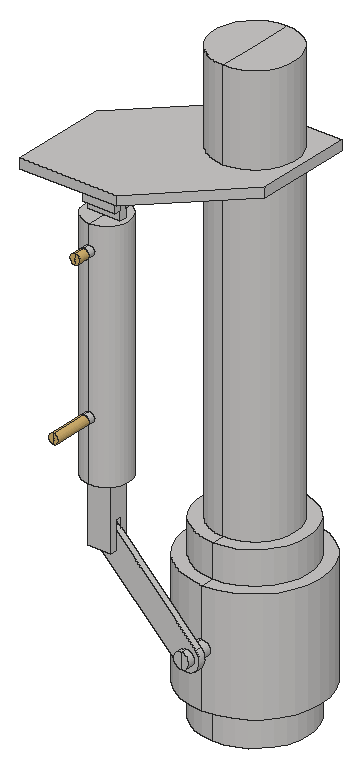
Revit family "Selector Valve -JCI_Sapphire_Plus-(140bar)Novec1230-Manual Release", category Specialty Equipment, Revit 2017
Family settings
  Round Connector Dimension = Use Diameter
  Part Type = Normal
  OmniClass Number = 23.29.33.13.11
  Work Plane-Based = Yes
  Always vertical = No
  Cut with Voids When Loaded = No
  Shared = Yes
  Room Calculation Point = No
Parameters (values of type "100mm (4in) With 6 mm Tube Fitting")
  Y = 120 mm
  X2 = 70 mm
  X1 = 41 mm
  X = 102.5 mm
  Width = 47.6 mm
  Use Annotation Scale [instance] = 0
  URL = "http://www.sapphireplus.com"
  Product Page URL = "http://www.sapphireplus.com"
  Product Documentation Link = "http://www.sapphireplus.com"
  Pipe Diameter = PD * 2  # 100 mm
  Part Number = Model  # "445050"
  Part Description = Description  # "100mm (4in) With 6 mm Tube Fitting"
  PD = 50 mm
  Model Disclaimer = "For More Information Contact JOHNSON CONTROLS"  # constant formula
  Model = if(Height = 511 mm, "445043", if(Height = 524 mm, "445044", if(Height = 527 mm, "445045", if(Height = 543 mm, "445046", if(Height = 560 mm, "445047", if(Height = 590 mm, "445048", if(Height = 612 mm, "445049", "445050")))))))  # "445050"
  Material = JCI - Metal - Brass - Satin
  Manufacturer = "Johnson Controls, Inc."  # constant formula
  Length = 47.6 mm
  Height = 748 mm
  Fire Suppression Agent = "3M™ Novec™ 1230 Fire Protection Fluid"  # constant formula
  Family Version = "1.0"  # constant formula
  Equipment Tag = "XXX"  # constant formula
  Equipment Abbreviation = "SV"  # constant formula
  Discharge Flow = 0 GPM
  Diameter = 47.6 mm
  Description = if(Height = 511 mm, "20mm (3/4in) With 6 mm Tube Fitting", if(Height = 524 mm, "25mm (1in) With 6 mm Tube Fitting", if(Height = 527 mm, "32mm (1 1/4in) With 6 mm Tube Fitting", if(Height = 543 mm, "40mm (1 1/2in) With 6 mm Tube Fitting", if(Height = 560 mm, "50mm (2in) With 6 mm Tube Fitting", if(Height = 590 mm, "65mm (2 1/2in) With 6 mm Tube Fitting", if(Height = 612 mm, "80mm (3in) With 6 mm Tube Fitting", "100mm (4in) With 6 mm Tube Fitting")))))))  # "100mm (4in) With 6 mm Tube Fitting"
  Default Elevation = 0 mm
  Date Modified = "YYYY/MM/DD"  # constant formula
  Date Created = "2018/10/11"  # constant formula
  D = 111 mm
  Copyright © = "Copyright © 2001-2018 Johnson Controls Inc."  # constant formula
  C = 291 mm
  B = 16 mm
  Assembly Code = "D4090300"
Types (8, lengths in mm): name | Y | X2 | X1 | X | Pipe Diameter | Part Number | Part Description | PD | Model | Height | Description | D | C | B
  20mm (3/4in) With 6 mm Tube Fitting | 60 | 31 | 17 | 41 | 30 | "445043" | "20mm (3/4in) With 6 mm Tube Fitting" | 15 | "445043" | 511 | "20mm (3/4in) With 6 mm Tube Fitting" | 50 | 230 | 6
  100mm (4in) With 6 mm Tube Fitting | 120 | 70 | 41 | 102.5 | 100 | "445050" | "100mm (4in) With 6 mm Tube Fitting" | 50 | "445050" | 748 | "100mm (4in) With 6 mm Tube Fitting" | 111 | 291 | 16
  25mm (1in) With 6 mm Tube Fitting | 60 | 35 | 21 | 45 | 30 | "445044" | "25mm (1in) With 6 mm Tube Fitting" | 15 | "445044" | 524 | "25mm (1in) With 6 mm Tube Fitting" | 54 | 233 | 8
  32mm (1 1/4in) With 6 mm Tube Fitting | 60 | 35 | 22 | 55 | 42 | "445045" | "32mm (1 1/4in) With 6 mm Tube Fitting" | 21 | "445045" | 527 | "32mm (1 1/4in) With 6 mm Tube Fitting" | 54 | 233 | 13
  40mm (1 1/2in) With 6 mm Tube Fitting | 60 | 40 | 26 | 61 | 46 | "445046" | "40mm (1 1/2in) With 6 mm Tube Fitting" | 23 | "445046" | 543 | "40mm (1 1/2in) With 6 mm Tube Fitting" | 62 | 230 | 15
  50mm (2in) With 6 mm Tube Fitting | 60 | 40 | 30 | 70 | 58 | "445047" | "50mm (2in) With 6 mm Tube Fitting" | 29 | "445047" | 560 | "50mm (2in) With 6 mm Tube Fitting" | 77 | 230 | 14
  65mm (2 1/2in) With 6 mm Tube Fitting | 85 | 47 | 40 | 85 | 70 | "445048" | "65mm (2 1/2in) With 6 mm Tube Fitting" | 35 | "445048" | 590 | "65mm (2 1/2in) With 6 mm Tube Fitting" | 86 | 230 | 16
  80mm (3 in) With 6 mm Tube Fitting | 85 | 52 | 42 | 105 | 84 | "445049" | "80mm (3in) With 6 mm Tube Fitting" | 42 | "445049" | 612 | "80mm (3in) With 6 mm Tube Fitting" | 95 | 230 | 17
Reference planes
  plane 1 "Center (Front/Back)": y = 0
  plane 2: z = 0
  plane 3 "Center (Left/Right)": x = 0
  plane 4 "Valve height(D)": z = 748
  plane 5 "PP(X)": x = -102.5
  plane 6 "X1 radius": z = 111
  plane 7 "X1": z = 181
  plane 8 "Base valve support height(X1)": z = 222
  plane 9 "Base valve bottom": z = 41
  plane 10 "Top valve hinged support(D)": z = 637
  plane 11 "Height of Pneumatic piston(C)": z = 570
  plane 12 "Piston connector height(C)": z = 279
  plane 13 "Mid of inlet port": z = 540
  plane 14 "Mid Outlet port": z = 354
  plane 15 "Bottom valve hinged support": z = 625
  plane 16 "Center of piston(X)": y = -102.5
  plane 17 "Bottom valve radius": y = -66
  plane 18 "Valve radius": y = -82
  plane 19 "center of valve radius(PD)": y = -50
  plane 20 "Bottom height": z = 10
  plane 21 "Outlet port": y = -130.1
  plane 22: through (0, 0, 1219.2) normal (0.7071, -0.7071, 0)
  plane 23 "Bottom Y": y = -162.5
  plane 24 "Hinged width": x = -162.5
  plane 25 "Mid Y": y = -42.5
  plane 26 "Piston connectors": x = -42.5
  plane 27 "Right hinged width": x = 60
  plane 28 "Top Y": y = 60
  plane 29 "Piston connector": x = -60
  plane 30: y = -60
  plane 31 "Mid width": x = -122.5
  plane 32 "Base valve OD": x = -82.5
  plane 33 "Left outlet port": y = -185.1
  plane 34 "Right outlet port": y = -152.1
  plane 35 "Inlet port OD": z = 534
  plane 36 "Outlet port OD": z = 348
  plane 37 "Side Piston support": y = -106.5
  plane 38 "Back of stand": y = -90.5
  plane 39 "Pneumatic piston support": y = -114.5
  plane 40 "Piston side": y = -98.5
  plane 41 "Mid hinged support": z = 606.25
  plane 42 "Bottom hinged support": z = 581.25
  plane 43 "X1 OD": z = 101.625
  plane 44 "Connector support(X)": z = 213.5
  plane 45 "Mid piston connector support": z = 199.5
  plane 46 "Mid port": y = -138.5
  plane 47 "Port radius": x = -116.553
  plane 48 "Valve OD": x = -88.447
  plane 49 "Bottom of piston connector height(C)": z = 233.5
  plane 50 "Hinged support": z = 614.951
Forms (mm)
  Revolve 1, solid, material "JCI - Metal - Stainless Steel - Satin"
    sketch origin (0, 0, 0) x (0, 1, 0) y (0, 0, 1)
      loop
        line (0, 222) -> (-66, 222) -> (-66, 181) -> (-82, 181) -> (-82, 41) -> (-66, 41) -> (-66, 0) -> (-50, 0) -> (-50, 10) -> (0, 10) -> (0, 222)
      axis (0, 0) -> (0, 222)
    angle from 0 to 360
  Revolve 2, solid, material "JCI - Metal - Stainless Steel - Satin"
    sketch origin (0, 0, 0) x (0, 1, 0) y (0, 0, 1)
      loop
        line (0, 748) -> (-50, 748) -> (-50, 222) -> (0, 222) -> (0, 748)
      axis (0, 222) -> (0, 748)
    angle from 0 to 360
  Revolve 3, solid, material "JCI - Metal - Stainless Steel - Satin"
    sketch origin (-102.5, 0, 0) x (0, 0, 1) y (0, -1, 0)
      loop
        line (570, 102.5) -> (570, 130.1) -> (279, 130.1) -> (279, 102.5) -> (570, 102.5)
      axis (570, 102.5) -> (279, 102.5)
    angle from 0 to 360
  Extrusion 4, solid, material "JCI - Metal - Stainless Steel - Satin"
    sketch origin (0, 0, 0) x (1, 0, 0) y (0, 1, 0)
      loop
        line (-42.5, -162.5) -> (60, -60) -> (60, 60) -> (-60, 60) -> (-162.5, -42.5) -> (-162.5, -162.5) -> (-42.5, -162.5)
    from 625 to 637
  Revolve 5, solid, material "JCI - Metal - Brass - Satin"
    sketch origin (-102.5, 0, 0) x (0, 0, 1) y (0, -1, 0)
      loop
        line (540, 152.1) -> (534, 152.1) -> (534, 138.5) -> (540, 138.5) -> (540, 152.1)
      axis (540, 152.1) -> (540, 138.5)
    angle from 0 to 360
  Revolve 6, solid, material "JCI - Metal - Brass - Satin"
    sketch origin (-102.5, 0, 0) x (0, 0, 1) y (0, -1, 0)
      loop
        line (354, 185.1) -> (348, 185.1) -> (348, 138.5) -> (354, 138.5) -> (354, 185.1)
      axis (354, 185.1) -> (354, 138.5)
    angle from 0 to 360
  Revolve 7, solid, material "JCI - Metal - Stainless Steel - Satin"
    sketch origin (0, 0, 0) x (0, 1, 0) y (0, 0, 1)
      loop
        line (-114.5, 111) -> (-114.5, 101.625) -> (0, 101.625) -> (0, 111) -> (-114.5, 111)
      axis (-114.5, 111) -> (0, 111)
    angle from 0 to 360
  Extrusion 8, solid, material "JCI - Metal - Stainless Steel - Satin"
    sketch origin (0, 0, 0) x (1, 0, 0) y (0, 0, 1)
      loop
        line (-122.5, 606.25) -> (-122.5, 570) -> (-82.5, 570) -> (-82.5, 606.25) -> (-122.5, 606.25)
    from 98.5 to 106.5
  Extrusion 9, solid, material "JCI - Metal - Stainless Steel - Satin"
    sketch origin (0, 0, 0) x (1, 0, 0) y (0, 0, 1)
      loop
        line (-113.814, 202.186) -> (-11.314, 99.686)
        arc (-11.314, 99.686) -> (11.314, 99.686) -> (11.314, 122.314) r 16
        line (11.314, 122.314) -> (-91.186, 224.814)
        arc (-91.186, 224.814) -> (-113.814, 224.814) -> (-113.814, 202.186) r 16
    from 98.5 to 106.5
  Revolve 10, solid, material "JCI - Metal - Stainless Steel - Satin"
    sketch origin (-102.5, 0, 0) x (0, 0, 1) y (0, -1, 0)
      loop
        line (540, 102.5) -> (540, 138.5) -> (534, 138.5) -> (534, 102.5) -> (540, 102.5)
      axis (540, 138.5) -> (540, 102.5)
    angle from 0 to 360
  Revolve 11, solid, material "JCI - Metal - Stainless Steel - Satin"
    sketch origin (-102.5, 0, 0) x (0, 0, 1) y (0, -1, 0)
      loop
        line (354, 102.5) -> (354, 138.5) -> (348, 138.5) -> (348, 102.5) -> (354, 102.5)
      axis (354, 138.5) -> (354, 102.5)
    angle from 0 to 360
  Extrusion 12, solid, material "JCI - Metal - Stainless Steel - Satin"
    sketch origin (-102.5, 0, 0) x (0, 0, 1) y (0, -1, 0)
      loop
        line (199.5, 106.5) -> (233.5, 106.5) -> (233.5, 98.5) -> (199.5, 98.5) -> (199.5, 90.5) -> (279, 90.5) -> (279, 114.5) -> (199.5, 114.5) -> (199.5, 106.5)
    from -14.053 to 14.053
  Extrusion 13, solid, material "JCI - Metal - Stainless Steel - Satin"
    sketch origin (-102.5, 0, 0) x (0, 0, 1) y (0, -1, 0)
      loop
        line (625, 114.5) -> (581.25, 114.5) -> (581.25, 106.5) -> (614.951, 106.5) -> (614.951, 98.5) -> (581.25, 98.5) -> (581.25, 90.5) -> (625, 90.5) -> (625, 114.5)
    from -20 to 20
Cuts and joins
  joined: Revolve 2, Extrusion 4
  joined: Revolve 1, Revolve 7, Extrusion 9
  joined: Revolve 3, Revolve 10, Revolve 11
Dimensions and locks
  "Height": plane 4 "Valve height(D)" to plane 2
  "X": plane 5 "PP(X)" to plane 3 "Center (Left/Right)"
  "X": plane 1 "Center (Front/Back)" to plane 16 "Center of piston(X)"
  "B": plane 18 "Valve radius" to plane 17 "Bottom valve radius"
  "B": plane 17 "Bottom valve radius" to plane 19 "center of valve radius(PD)"
  locked: plane 21 "Outlet port" to plane 16 "Center of piston(X)" at 27.6
  equal spacing: plane 25 "Mid Y", plane 16 "Center of piston(X)", plane 23 "Bottom Y"
  equal spacing: plane 24 "Hinged width", plane 5 "PP(X)", plane 26 "Piston connectors"
  "Y": plane 25 "Mid Y" to plane 23 "Bottom Y"
  "Y": plane 24 "Hinged width" to plane 26 "Piston connectors"
  equal spacing: plane 29 "Piston connector", plane 3 "Center (Left/Right)", plane 27 "Right hinged width"
  "Y": plane 29 "Piston connector" to plane 27 "Right hinged width"
  equal spacing: plane 28 "Top Y", plane 1 "Center (Front/Back)", plane 30
  "Y": plane 28 "Top Y" to plane 30
  equal spacing: plane 31 "Mid width", plane 5 "PP(X)", plane 32 "Base valve OD", locked at 20 each
  locked: plane 31 "Mid width" to plane 32 "Base valve OD" at 40
  locked: plane 39 "Pneumatic piston support" to plane 37 "Side Piston support" at 8
  locked: plane 37 "Side Piston support" to plane 16 "Center of piston(X)" at 4
  locked: plane 16 "Center of piston(X)" to plane 40 "Piston side" at 4
  locked: plane 40 "Piston side" to plane 38 "Back of stand" at 8
  "X": plane 44 "Connector support(X)" to plane 6 "X1 radius"
  locked: plane 44 "Connector support(X)" to plane 45 "Mid piston connector support" at 14
  locked: plane 33 "Left outlet port" to plane 21 "Outlet port" at 55
  locked: plane 34 "Right outlet port" to plane 21 "Outlet port" at 22
  locked: plane 13 "Mid of inlet port" to plane 35 "Inlet port OD" at 6
  locked: plane 14 "Mid Outlet port" to plane 36 "Outlet port OD" at 6
  "PD": plane 19 "center of valve radius(PD)" to plane 1 "Center (Front/Back)"
  plane 6 "X1 radius" to plane 43 "X1 OD" = 9.375 mm
  locked: plane 46 "Mid port" to plane 16 "Center of piston(X)" at 36
  "D": plane 4 "Valve height(D)" to plane 10 "Top valve hinged support(D)"
  "X1": plane 9 "Base valve bottom" to plane 2
  "X1": plane 8 "Base valve support height(X1)" to plane 7 "X1"
  "X2": plane 7 "X1" to plane 6 "X1 radius" to plane 9 "Base valve bottom"
  equal spacing: plane 48 "Valve OD", plane 5 "PP(X)", plane 47 "Port radius", locked at 14.053 each
  locked: plane 49 "Bottom of piston connector height(C)" to plane 44 "Connector support(X)" at 20
  locked: plane 48 "Valve OD" to plane 47 "Port radius" at 28.105
  Extrusion 9 sketch curve to Extrusion 9 sketch curve = 32 mm
  "C": plane 11 "Height of Pneumatic piston(C)" to plane 12 "Piston connector height(C)"
  plane 10 "Top valve hinged support(D)" to plane 15 "Bottom valve hinged support" to plane 50 "Hinged support" to plane 41 "Mid hinged support" to plane 42 "Bottom hinged support" to plane 11 "Height of Pneumatic piston(C)" to plane 13 "Mid of inlet port" = 12 mm locked, 10.049 mm locked, 8.701 mm locked, 25 mm locked, 11.25 mm locked, 30 mm locked
  locked: plane 14 "Mid Outlet port" to plane 12 "Piston connector height(C)" at 75
  aligned and locked: level to plane 2
  aligned and locked: Revolve 1 sketch curve to plane 1 "Center (Front/Back)"  (x2)
  aligned and locked: plane 8 "Base valve support height(X1)" to Revolve 1 sketch curve
  aligned and locked: plane 7 "X1" to Revolve 1 sketch curve
  aligned and locked: Revolve 1 sketch curve to plane 17 "Bottom valve radius"  (x2)
  aligned and locked: Revolve 1 sketch curve to plane 18 "Valve radius"
  aligned and locked: plane 9 "Base valve bottom" to Revolve 1 sketch curve
  aligned and locked: Revolve 1 sketch curve to level
  aligned and locked: plane 4 "Valve height(D)" to Revolve 2 sketch curve
  aligned and locked: Revolve 2 sketch curve to plane 1 "Center (Front/Back)"  (x2)
  aligned and locked: Revolve 2 sketch curve to plane 8 "Base valve support height(X1)"
  aligned and locked: Revolve 2 sketch curve to plane 19 "center of valve radius(PD)"
  aligned and locked: Revolve 1 sketch curve to plane 19 "center of valve radius(PD)"
  aligned and locked: Revolve 1 sketch curve to plane 20 "Bottom height"
  aligned and locked: plane 16 "Center of piston(X)" to Revolve 3 sketch curve
  aligned and locked: Revolve 3 sketch curve to plane 12 "Piston connector height(C)"
  aligned and locked: Revolve 3 sketch curve to plane 21 "Outlet port"
  aligned and locked: plane 11 "Height of Pneumatic piston(C)" to Revolve 3 sketch curve
  aligned and locked: Revolve 3 sketch curve to plane 16 "Center of piston(X)"
  aligned and locked: Extrusion 4 sketch curve to plane 23 "Bottom Y"
  aligned and locked: Extrusion 4 sketch curve to plane 24 "Hinged width"
  aligned and locked: Extrusion 4 sketch curve to plane 28 "Top Y"
  aligned and locked: Extrusion 4 sketch curve to plane 27 "Right hinged width"
  aligned and locked: plane 10 "Top valve hinged support(D)" to Extrusion 4
  aligned and locked: Extrusion 4 to plane 15 "Bottom valve hinged support"
  aligned and locked: Revolve 5 sketch curve to plane 13 "Mid of inlet port"  (x2)
  aligned and locked: plane 34 "Right outlet port" to Revolve 5 sketch curve
  aligned and locked: plane 35 "Inlet port OD" to Revolve 5 sketch curve
  aligned and locked: Revolve 6 sketch curve to plane 14 "Mid Outlet port"  (x2)
  aligned and locked: plane 33 "Left outlet port" to Revolve 6 sketch curve
  aligned and locked: plane 36 "Outlet port OD" to Revolve 6 sketch curve
  aligned and locked: Revolve 7 sketch curve to plane 6 "X1 radius"  (x2)
  aligned and locked: plane 43 "X1 OD" to Revolve 7 sketch curve
  aligned and locked: plane 1 "Center (Front/Back)" to Revolve 7 sketch curve
  aligned and locked: Extrusion 8 sketch curve to plane 41 "Mid hinged support"
  aligned and locked: plane 31 "Mid width" to Extrusion 8 sketch curve
  aligned and locked: plane 11 "Height of Pneumatic piston(C)" to Extrusion 8 sketch curve
  aligned and locked: plane 32 "Base valve OD" to Extrusion 8 sketch curve
  aligned and locked: plane 40 "Piston side" to Extrusion 8
  aligned and locked: Extrusion 8 to plane 37 "Side Piston support"
  aligned and locked: plane 37 "Side Piston support" to Extrusion 9
  aligned and locked: Extrusion 9 to plane 40 "Piston side"
  aligned and locked: Revolve 10 sketch curve to plane 35 "Inlet port OD"
  aligned and locked: plane 16 "Center of piston(X)" to Revolve 10 sketch curve
  aligned and locked: plane 13 "Mid of inlet port" to Revolve 10 sketch curve
  aligned and locked: Revolve 10 sketch curve to plane 13 "Mid of inlet port"
  aligned and locked: plane 14 "Mid Outlet port" to Revolve 11 sketch curve
  aligned and locked: plane 16 "Center of piston(X)" to Revolve 11 sketch curve
  aligned and locked: Revolve 11 sketch curve to plane 36 "Outlet port OD"
  aligned and locked: Revolve 11 sketch curve to Revolve 6
  aligned and locked: Revolve 11 sketch curve to plane 14 "Mid Outlet port"
  aligned and locked: Revolve 5 sketch curve to plane 46 "Mid port"
  aligned and locked: Revolve 10 sketch curve to plane 46 "Mid port"
  aligned and locked: Revolve 6 sketch curve to plane 46 "Mid port"
  aligned and locked: Revolve 7 sketch curve to plane 39 "Pneumatic piston support"
  aligned and locked: plane 45 "Mid piston connector support" to Extrusion 12 sketch curve  (x2)
  aligned and locked: Extrusion 12 sketch curve to plane 12 "Piston connector height(C)"
  aligned and locked: Extrusion 12 sketch curve to plane 39 "Pneumatic piston support"
  aligned and locked: plane 38 "Back of stand" to Extrusion 12 sketch curve
  aligned and locked: plane 37 "Side Piston support" to Extrusion 12 sketch curve
  aligned and locked: Extrusion 12 sketch curve to plane 40 "Piston side"
  aligned and locked: Extrusion 12 to plane 47 "Port radius"
  aligned and locked: plane 48 "Valve OD" to Extrusion 12
  aligned and locked: plane 49 "Bottom of piston connector height(C)" to Extrusion 12 sketch curve
  aligned and locked: plane 15 "Bottom valve hinged support" to Extrusion 13 sketch curve
  aligned and locked: Extrusion 13 sketch curve to plane 39 "Pneumatic piston support"
  aligned and locked: plane 38 "Back of stand" to Extrusion 13 sketch curve
  aligned and locked: Extrusion 13 sketch curve to plane 42 "Bottom hinged support"  (x2)
  aligned and locked: plane 37 "Side Piston support" to Extrusion 13 sketch curve
  aligned and locked: Extrusion 13 sketch curve to plane 40 "Piston side"
  aligned and locked: Extrusion 13 to plane 31 "Mid width"
  aligned and locked: Extrusion 13 to plane 32 "Base valve OD"
  aligned and locked: plane 50 "Hinged support" to Extrusion 13 sketch curve
Automatic sketch dimensions
  Revolve 2 sketch curve to level = 378.764 mm
  plane 4 "Valve height(D)" to Revolve 2 sketch curve = 657.504 mm
  Revolve 1 sketch curve to level = 26.496 mm
  plane 4 "Valve height(D)" to Revolve 1 sketch curve = 657.504 mm
  Revolve 3 sketch curve to level = 304.8 mm
  plane 4 "Valve height(D)" to Revolve 3 sketch curve = 1927.4 mm
  Extrusion 4 sketch curve to plane 26 "Piston connectors" = 0 mm
  Extrusion 4 sketch curve to plane 29 "Piston connector" = 0 mm
  Extrusion 4 sketch curve to plane 25 "Mid Y" = 0 mm
  plane 30 to Extrusion 4 sketch curve = 0 mm
  plane 32 "Base valve OD" to Extrusion 8 sketch curve = 0 mm
  Extrusion 9 sketch curve to plane 5 "PP(X)" = 0 mm
  Extrusion 9 sketch curve to plane 3 "Center (Left/Right)" = 0 mm
  Extrusion 9 sketch curve to plane 6 "X1 radius" = 0 mm
  Extrusion 9 sketch curve to plane 44 "Connector support(X)" = 0 mm
  plane 28 "Top Y" to Revolve 11 sketch curve = 690.452 mm
  Revolve 11 sketch curve to plane 33 "Left outlet port" = 702.558 mm
  plane 28 "Top Y" to Revolve 5 sketch curve = 690.452 mm
  Revolve 5 sketch curve to plane 33 "Left outlet port" = 702.558 mm
  plane 28 "Top Y" to Revolve 10 sketch curve = 690.452 mm
  Revolve 10 sketch curve to plane 33 "Left outlet port" = 702.558 mm
  plane 28 "Top Y" to Revolve 6 sketch curve = 690.452 mm
  Revolve 6 sketch curve to plane 33 "Left outlet port" = 702.558 mm
  Revolve 7 sketch curve to plane 33 "Left outlet port" = 702.558 mm
  plane 28 "Top Y" to Revolve 7 sketch curve = 690.452 mm
Connectors
  piping at (0, 0, 748), diameter 100, driven by "Pipe Diameter"
    settings: on cut or joined group of Revolve 2, Extrusion 4, index 1, connector inside diameter 24", connector length 0 mm, flow factor 0, pipe flow 0 GPM, pressure drop 0.00 psi, fitting loss kfactor 0, connector angle 0.00°, fixture units 0, engagement length 0 mm, angle of deflection 0.00°, flow configuration 0, flow direction 2, fitting loss method 0, system type 26, joint type 0, gender type 0, connector reference index -1, connector utility 0, adjustable connector no, is connector primary yes, connector description ""
  piping at (0, 0, 10), diameter 100, driven by "Pipe Diameter"
    settings: on cut or joined group of Revolve 1, Revolve 7, Extrusion 9, index 2, connector inside diameter 24", connector length 0 mm, flow factor 0, pipe flow 0 GPM, pressure drop 0.00 psi, fitting loss kfactor 0, connector angle 0.00°, fixture units 0, engagement length 0 mm, angle of deflection 0.00°, flow configuration 0, flow direction 1, fitting loss method 0, system type 26, joint type 0, gender type 0, connector reference index -1, connector utility 0, adjustable connector no, is connector primary no, connector description ""
  piping at (-102.5, -152.1, 540), diameter 12
    settings: on Revolve 5, index 3, connector inside diameter 24", connector length 0 mm, flow factor 0, pipe flow 0 GPM, pressure drop 0.00 psi, fitting loss kfactor 0, connector angle 0.00°, fixture units 0, engagement length 0 mm, angle of deflection 0.00°, flow configuration 0, flow direction 1, fitting loss method 0, system type 29, joint type 0, gender type 0, connector reference index -1, connector utility 0, adjustable connector no, is connector primary no, connector description ""
  piping at (-102.5, -185.1, 354), diameter 12
    settings: on Revolve 6, index 4, connector inside diameter 24", connector length 0 mm, flow factor 0, pipe flow 0 GPM, pressure drop 0.00 psi, fitting loss kfactor 0, connector angle 0.00°, fixture units 0, engagement length 0 mm, angle of deflection 0.00°, flow configuration 0, flow direction 2, fitting loss method 0, system type 29, joint type 0, gender type 0, connector reference index -1, connector utility 0, adjustable connector no, is connector primary no, connector description ""
